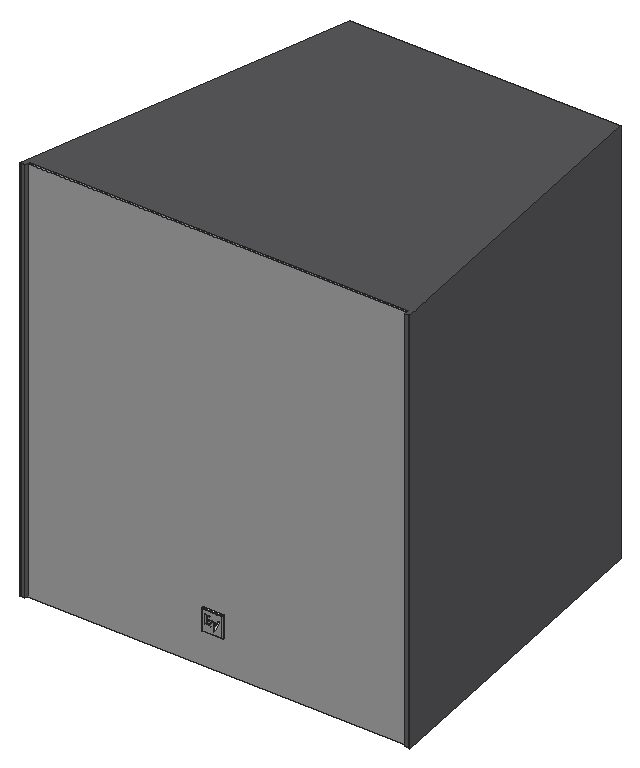
Revit family "EVH-1152S", category Communication Devices, Revit 2017 (continued)
Definition of nested family "InputPanel_H"
  Lines and regions (mm)
    model lines, not visible
      curve 237: line (65.486, -9.5, 73.675) -> (63.369, -9.5, 73.675)
      curve 238: line (63.369, -9.5, 73.675) -> (63.369, -9.5, 73.098)
      curve 239: line (63.369, -9.5, 73.098) -> (65.486, -9.5, 73.099)
      curve 240: line (65.486, -9.5, 73.099) -> (65.486, -9.5, 73.675)
      curve 241: line (65.487, -9.5, 67.368) -> (65.487, -9.5, 66.791)
      curve 242: line (65.487, -9.5, 66.791) -> (63.37, -9.5, 66.791)
      curve 243: line (63.37, -9.5, 66.791) -> (63.369, -9.5, 67.367)
      curve 244: line (63.369, -9.5, 67.367) -> (65.487, -9.5, 67.368)
      curve 245: line (65.485, -9.5, 79.98) -> (65.485, -9.5, 79.404)
      curve 246: line (65.485, -9.5, 79.404) -> (63.368, -9.5, 79.404)
      curve 247: line (63.368, -9.5, 79.404) -> (63.368, -9.5, 79.98)
      curve 248: line (63.368, -9.5, 79.98) -> (65.485, -9.5, 79.98)
      curve 249: line (63.37, -9.5, 60.773) -> (65.488, -9.5, 60.774)
      curve 250: line (65.488, -9.5, 60.774) -> (65.488, -9.5, 61.062)
      curve 251: line (65.488, -9.5, 61.062) -> (63.37, -9.5, 61.062)
      curve 252: line (63.37, -9.5, 61.062) -> (63.37, -9.5, 60.773)
      curve 253: line (63.37, -9.5, 60.773) -> (62.679, -9.5, 60.773)
      curve 254: line (62.676, -9.5, 85.999) -> (63.367, -9.5, 85.999)
      curve 255: line (63.367, -9.5, 85.999) -> (63.367, -9.5, 85.711)
      curve 256: line (63.367, -9.5, 85.711) -> (65.485, -9.5, 85.711)
      curve 257: line (65.485, -9.5, 85.711) -> (65.485, -9.5, 85.999)
      curve 258: line (65.485, -9.5, 85.999) -> (63.367, -9.5, 85.999)
      curve 259: line (63.973, -9.5, 63.722) -> (62.18, -9.5, 65.91)
      curve 260: line (62.18, -9.5, 65.91) -> (62.671, -9.5, 66.243)
      curve 261: line (63.973, -9.5, 70.028) -> (62.179, -9.5, 72.217)
      curve 262: line (62.179, -9.5, 72.217) -> (62.67, -9.5, 72.549)
      curve 263: line (63.946, -9.5, 63.467) -> (62.347, -9.5, 65.419)
      curve 264: line (62.347, -9.5, 65.419) -> (61.777, -9.5, 65.419)
      curve 265: line (61.777, -9.5, 65.419) -> (63.815, -9.5, 62.932)
      curve 266: line (63.945, -9.5, 69.773) -> (62.346, -9.5, 71.725)
      curve 267: line (62.346, -9.5, 71.725) -> (61.777, -9.5, 71.725)
      curve 268: line (61.777, -9.5, 71.725) -> (63.815, -9.5, 69.238)
      curve 269: line (63.945, -9.5, 76.08) -> (62.345, -9.5, 78.032)
      curve 270: line (62.345, -9.5, 78.032) -> (61.776, -9.5, 78.031)
      curve 271: line (61.776, -9.5, 78.031) -> (63.814, -9.5, 75.544)
      curve 272: line (63.972, -9.5, 76.334) -> (62.178, -9.5, 78.523)
      curve 273: line (62.178, -9.5, 78.523) -> (62.669, -9.5, 78.856)
      curve 274: line (63.971, -9.5, 82.641) -> (62.178, -9.5, 84.829)
      curve 275: line (62.178, -9.5, 84.829) -> (62.669, -9.5, 85.162)
      curve 276: line (63.944, -9.5, 82.386) -> (62.345, -9.5, 84.338)
      curve 277: line (62.345, -9.5, 84.338) -> (61.775, -9.5, 84.338)
      curve 278: line (61.775, -9.5, 84.338) -> (63.813, -9.5, 81.851)
      curve 279: line (66.909, -9.5, 82.956) -> (66.908, -9.5, 85.999)
      curve 280: line (66.908, -9.5, 85.999) -> (72.332, -9.5, 86)
      curve 281: line (72.332, -9.5, 86) -> (72.335, -9.5, 60.774)
      curve 282: line (72.335, -9.5, 60.774) -> (66.911, -9.5, 60.774)
      curve 283: line (65.485, -9.5, 85.999) -> (66.908, -9.5, 85.999)
      curve 284: line (72.332, -9.5, 86) -> (72.658, -9.5, 86)
      curve 285: line (72.658, -9.5, 86) -> (72.661, -9.5, 60.775)
      curve 286: line (72.661, -9.5, 60.775) -> (72.335, -9.5, 60.774)
      curve 287: line (72.335, -9.5, 60.774) -> (72.464, -9.5, 60.647)
      curve 288: line (72.464, -9.5, 60.647) -> (72.586, -9.5, 60.47)
      curve 289: line (73.116, -9.5, 67.379) -> (73.115, -9.5, 72.891)
      curve 290: line (73.115, -9.5, 72.891) -> (77.33, -9.5, 72.891)
      curve 291: line (77.33, -9.5, 72.891) -> (77.331, -9.5, 67.379)
      curve 292: line (77.331, -9.5, 67.379) -> (73.116, -9.5, 67.379)
      curve 293: line (77.331, -9.5, 66.783) -> (77.332, -9.5, 61.272)
      curve 294: line (77.332, -9.5, 61.272) -> (73.116, -9.5, 61.271)
      curve 295: line (73.116, -9.5, 61.271) -> (73.116, -9.5, 66.783)
      curve 296: line (73.116, -9.5, 66.783) -> (77.331, -9.5, 66.783)
      curve 297: line (72.661, -9.5, 60.775) -> (77.787, -9.5, 60.775)
      curve 298: line (77.787, -9.5, 60.775) -> (77.784, -9.5, 86)
      curve 299: line (77.784, -9.5, 86) -> (72.658, -9.5, 86)
      curve 300: line (73.114, -9.5, 79.991) -> (73.113, -9.5, 85.503)
      curve 301: line (73.113, -9.5, 85.503) -> (77.329, -9.5, 85.504)
      curve 302: line (77.329, -9.5, 85.504) -> (77.329, -9.5, 79.992)
      curve 303: line (77.329, -9.5, 79.992) -> (73.114, -9.5, 79.991)
      curve 304: line (77.329, -9.5, 79.396) -> (77.33, -9.5, 73.884)
      curve 305: line (77.33, -9.5, 73.884) -> (73.115, -9.5, 73.884)
      curve 306: line (73.115, -9.5, 73.884) -> (73.114, -9.5, 79.396)
      curve 307: line (73.114, -9.5, 79.396) -> (77.329, -9.5, 79.396)
      curve 308: line (73.114, -9.5, 81.158) -> (74.522, -9.5, 81.159)
      curve 309: line (74.522, -9.5, 81.159) -> (74.848, -9.5, 80.47)
      curve 310: line (74.848, -9.5, 80.47) -> (75.233, -9.5, 79.992)
      curve 311: line (73.116, -9.5, 68.546) -> (74.524, -9.5, 68.546)
      curve 312: line (74.524, -9.5, 68.546) -> (74.849, -9.5, 67.858)
      curve 313: line (74.849, -9.5, 67.858) -> (75.235, -9.5, 67.379)
      curve 314: line (73.114, -9.5, 78.229) -> (74.523, -9.5, 78.229)
      curve 315: line (74.523, -9.5, 78.229) -> (74.848, -9.5, 78.917)
      curve 316: line (74.848, -9.5, 78.917) -> (75.233, -9.5, 79.396)
      curve 317: line (73.116, -9.5, 65.616) -> (74.524, -9.5, 65.616)
      curve 318: line (74.524, -9.5, 65.616) -> (74.85, -9.5, 66.304)
      curve 319: line (74.85, -9.5, 66.304) -> (75.235, -9.5, 66.783)
      curve 320: line (73.116, -9.5, 62.239) -> (74.525, -9.5, 62.24)
      curve 321: line (74.525, -9.5, 62.24) -> (74.85, -9.5, 61.552)
      curve 322: line (74.85, -9.5, 61.552) -> (75.076, -9.5, 61.271)
      curve 323: line (73.115, -9.5, 74.852) -> (74.523, -9.5, 74.852)
      curve 324: line (74.523, -9.5, 74.852) -> (74.849, -9.5, 74.164)
      curve 325: line (74.849, -9.5, 74.164) -> (75.074, -9.5, 73.884)
      curve 326: line (73.115, -9.5, 71.922) -> (74.524, -9.5, 71.923)
      curve 327: line (74.524, -9.5, 71.923) -> (74.849, -9.5, 72.611)
      curve 328: line (75.074, -9.5, 72.891) -> (74.849, -9.5, 72.611)
      curve 329: line (74.849, -9.5, 72.611) -> (74.849, -9.5, 67.858)
      curve 330: line (73.114, -9.5, 84.535) -> (74.522, -9.5, 84.535)
      curve 331: line (74.522, -9.5, 84.535) -> (74.847, -9.5, 85.223)
      curve 332: line (74.847, -9.5, 85.223) -> (74.848, -9.5, 80.47)
      curve 333: line (75.073, -9.5, 85.503) -> (74.847, -9.5, 85.223)
      curve 334: line (74.524, -9.5, 65.616) -> (74.525, -9.5, 62.24)
      curve 335: line (74.523, -9.5, 78.229) -> (74.523, -9.5, 74.852)
      curve 336: line (74.524, -9.5, 68.546) -> (74.524, -9.5, 71.923)
      curve 337: line (74.522, -9.5, 81.159) -> (74.522, -9.5, 84.535)
      curve 338: line (72.586, -9.5, 60.208) -> (75.719, -9.5, 60.209)
      curve 339: line (75.719, -9.5, 60.209) -> (75.719, -9.5, 60.47)
      curve 340: line (75.719, -9.5, 60.47) -> (72.586, -9.5, 60.47)
      curve 341: line (72.586, -9.5, 60.47) -> (72.586, -9.5, 60.208)
      curve 342: line (72.586, -9.5, 60.208) -> (72.005, -9.5, 60.208)
      curve 343: line (72.005, -9.5, 60.208) -> (72.005, -9.5, 60.47)
      curve 344: line (72.005, -9.5, 60.47) -> (72.127, -9.5, 60.774)
      curve 345: line (72.464, -9.5, 60.647) -> (75.597, -9.5, 60.647)
      curve 346: line (75.597, -9.5, 60.647) -> (75.719, -9.5, 60.47)
      curve 347: line (76.233, -9.5, 66.783) -> (76.233, -9.5, 61.272)
      curve 348: line (76.231, -9.5, 79.396) -> (76.232, -9.5, 73.884)
      curve 349: line (76.232, -9.5, 72.891) -> (76.233, -9.5, 67.379)
      curve 350: line (76.23, -9.5, 85.504) -> (76.231, -9.5, 79.992)
      curve 351: line (74.85, -9.5, 66.304) -> (74.85, -9.5, 61.552)
      curve 352: line (74.848, -9.5, 78.917) -> (74.849, -9.5, 74.164)
      curve 353: line (65.589, -9.5, 60.469) -> (65.589, -9.5, 60.208)
      curve 354: line (65.589, -9.5, 60.208) -> (65.009, -9.5, 60.207)
      curve 355: line (65.009, -9.5, 60.207) -> (65.009, -9.5, 60.469)
      curve 356: line (65.009, -9.5, 60.469) -> (65.131, -9.5, 60.646)
      curve 357: line (65.589, -9.5, 60.208) -> (68.722, -9.5, 60.208)
      curve 358: line (68.722, -9.5, 60.208) -> (68.722, -9.5, 60.469)
      curve 359: line (54.498, -9.5, 76.538) -> (54.659, -9.5, 75.55)
      curve 360: line (54.659, -9.5, 75.55) -> (55.117, -9.5, 74.712)
      curve 361: line (55.117, -9.5, 74.712) -> (55.804, -9.5, 74.153)
      curve 362: line (55.804, -9.5, 74.153) -> (56.613, -9.5, 73.956)
      curve 363: line (56.613, -9.5, 73.956) -> (57.422, -9.5, 74.153)
      curve 364: line (57.422, -9.5, 74.153) -> (58.109, -9.5, 74.713)
      curve 365: line (58.109, -9.5, 74.713) -> (58.567, -9.5, 75.55)
      curve 366: line (58.567, -9.5, 75.55) -> (58.728, -9.5, 76.539)
      curve 367: line (58.728, -9.5, 76.539) -> (58.567, -9.5, 77.527)
      curve 368: line (58.567, -9.5, 77.527) -> (58.108, -9.5, 78.364)
      curve 369: line (58.108, -9.5, 78.364) -> (57.422, -9.5, 78.924)
      curve 370: line (57.422, -9.5, 78.924) -> (56.612, -9.5, 79.12)
      curve 371: line (56.612, -9.5, 79.12) -> (55.803, -9.5, 78.924)
      curve 372: line (55.803, -9.5, 78.924) -> (55.117, -9.5, 78.364)
      curve 373: line (55.117, -9.5, 78.364) -> (54.662, -9.5, 77.533)
      curve 374: line (54.659, -9.5, 77.526) -> (54.374, -9.5, 76.538)
      curve 375: line (54.374, -9.5, 76.538) -> (53.682, -9.5, 76.538)
      curve 376: line (53.682, -9.5, 76.538) -> (51.565, -9.5, 76.538)
      curve 377: line (51.565, -9.5, 76.538) -> (51.566, -9.5, 82.763)
      curve 378: line (54.499, -9.5, 63.925) -> (54.66, -9.5, 62.937)
      curve 379: line (54.66, -9.5, 62.937) -> (55.119, -9.5, 62.1)
      curve 380: line (55.119, -9.5, 62.1) -> (55.805, -9.5, 61.54)
      curve 381: line (55.805, -9.5, 61.54) -> (56.615, -9.5, 61.344)
      curve 382: line (56.615, -9.5, 61.344) -> (57.424, -9.5, 61.54)
      curve 383: line (57.424, -9.5, 61.54) -> (58.11, -9.5, 62.1)
      curve 384: line (58.11, -9.5, 62.1) -> (58.569, -9.5, 62.938)
      curve 385: line (58.569, -9.5, 62.938) -> (58.729, -9.5, 63.926)
      curve 386: line (58.729, -9.5, 63.926) -> (58.568, -9.5, 64.914)
      curve 387: line (58.568, -9.5, 64.914) -> (58.11, -9.5, 65.752)
      curve 388: line (58.11, -9.5, 65.752) -> (57.423, -9.5, 66.311)
      curve 389: line (57.423, -9.5, 66.311) -> (56.614, -9.5, 66.508)
      curve 390: line (56.614, -9.5, 66.508) -> (55.805, -9.5, 66.311)
      curve 391: line (55.805, -9.5, 66.311) -> (55.118, -9.5, 65.751)
      curve 392: line (55.118, -9.5, 65.751) -> (54.664, -9.5, 64.92)
      curve 393: line (54.66, -9.5, 64.914) -> (54.376, -9.5, 63.925)
      curve 394: line (54.376, -9.5, 63.925) -> (53.684, -9.5, 63.925)
      curve 395: line (53.684, -9.5, 63.925) -> (51.566, -9.5, 63.925)
      curve 396: line (51.566, -9.5, 63.925) -> (51.567, -9.5, 70.15)
      curve 397: line (54.497, -9.5, 82.844) -> (54.658, -9.5, 81.856)
      curve 398: line (54.658, -9.5, 81.856) -> (55.117, -9.5, 81.019)
      curve 399: line (55.117, -9.5, 81.019) -> (55.803, -9.5, 80.459)
      curve 400: line (55.803, -9.5, 80.459) -> (56.612, -9.5, 80.263)
      curve 401: line (56.612, -9.5, 80.263) -> (57.422, -9.5, 80.459)
      curve 402: line (57.422, -9.5, 80.459) -> (58.108, -9.5, 81.019)
      curve 403: line (58.108, -9.5, 81.019) -> (58.566, -9.5, 81.857)
      curve 404: line (58.566, -9.5, 81.857) -> (58.727, -9.5, 82.845)
      curve 405: line (58.727, -9.5, 82.845) -> (58.566, -9.5, 83.833)
      curve 406: line (58.566, -9.5, 83.833) -> (58.107, -9.5, 84.671)
      curve 407: line (58.107, -9.5, 84.671) -> (57.421, -9.5, 85.23)
      curve 408: line (57.421, -9.5, 85.23) -> (56.612, -9.5, 85.427)
      curve 409: line (56.612, -9.5, 85.427) -> (55.802, -9.5, 85.23)
      curve 410: line (55.802, -9.5, 85.23) -> (55.116, -9.5, 84.67)
      curve 411: line (55.116, -9.5, 84.67) -> (54.661, -9.5, 83.839)
      curve 412: line (54.658, -9.5, 83.833) -> (54.374, -9.5, 82.844)
      curve 413: line (54.374, -9.5, 82.844) -> (53.682, -9.5, 82.844)
      curve 414: line (53.682, -9.5, 82.844) -> (51.565, -9.5, 82.844)
      curve 415: line (51.565, -9.5, 82.844) -> (51.565, -9.5, 85.997)
      curve 416: line (54.498, -9.5, 70.232) -> (54.66, -9.5, 69.244)
      curve 417: line (54.66, -9.5, 69.244) -> (55.118, -9.5, 68.406)
      curve 418: line (55.118, -9.5, 68.406) -> (55.804, -9.5, 67.846)
      curve 419: line (55.804, -9.5, 67.846) -> (56.614, -9.5, 67.65)
      curve 420: line (56.614, -9.5, 67.65) -> (57.423, -9.5, 67.847)
      curve 421: line (57.423, -9.5, 67.847) -> (58.109, -9.5, 68.406)
      curve 422: line (58.109, -9.5, 68.406) -> (58.568, -9.5, 69.244)
      curve 423: line (58.568, -9.5, 69.244) -> (58.729, -9.5, 70.232)
      curve 424: line (58.729, -9.5, 70.232) -> (58.568, -9.5, 71.22)
      curve 425: line (58.568, -9.5, 71.22) -> (58.109, -9.5, 72.058)
      curve 426: line (58.109, -9.5, 72.058) -> (57.423, -9.5, 72.618)
      curve 427: line (57.423, -9.5, 72.618) -> (56.613, -9.5, 72.814)
      curve 428: line (56.613, -9.5, 72.814) -> (55.804, -9.5, 72.617)
      curve 429: line (55.804, -9.5, 72.617) -> (55.118, -9.5, 72.058)
      curve 430: line (55.118, -9.5, 72.058) -> (54.663, -9.5, 71.227)
      curve 431: line (54.659, -9.5, 71.22) -> (54.376, -9.5, 70.232)
      curve 432: line (54.376, -9.5, 70.232) -> (53.684, -9.5, 70.232)
      curve 433: line (53.684, -9.5, 70.232) -> (51.566, -9.5, 70.231)
      curve 434: line (51.566, -9.5, 70.231) -> (51.567, -9.5, 76.427)
      curve 435: line (57.428, -9.5, 60.773) -> (57.64, -9.5, 60.773)
      curve 436: line (57.64, -9.5, 60.773) -> (57.64, -9.5, 61.116)
      curve 437: line (57.561, -9.5, 61.254) -> (57.428, -9.5, 61.38)
      curve 438: line (57.428, -9.5, 61.38) -> (57.428, -9.5, 60.773)
      curve 439: line (57.428, -9.5, 60.773) -> (55.801, -9.5, 60.772)
      curve 440: line (55.801, -9.5, 60.772) -> (55.801, -9.5, 61.379)
      curve 441: line (55.8, -9.5, 67.687) -> (55.8, -9.5, 66.472)
      curve 442: line (55.8, -9.5, 73.992) -> (55.8, -9.5, 72.777)
      curve 443: line (55.799, -9.5, 80.299) -> (55.799, -9.5, 79.084)
      curve 444: line (57.425, -9.5, 85.998) -> (57.637, -9.5, 85.998)
      curve 445: line (57.637, -9.5, 85.998) -> (57.637, -9.5, 85.632)
      curve 446: line (57.558, -9.5, 85.516) -> (57.425, -9.5, 85.39)
      curve 447: line (57.425, -9.5, 85.39) -> (57.425, -9.5, 85.998)
      curve 448: line (57.425, -9.5, 85.998) -> (55.798, -9.5, 85.998)
      curve 449: line (55.798, -9.5, 85.998) -> (55.798, -9.5, 85.39)
      curve 450: line (57.638, -9.5, 80.036) -> (57.634, -9.5, 79.358)
      curve 451: line (57.559, -9.5, 79.211) -> (57.426, -9.5, 79.085)
      curve 452: line (57.426, -9.5, 79.085) -> (57.426, -9.5, 80.3)
      curve 453: line (57.426, -9.5, 80.3) -> (57.559, -9.5, 80.173)
      curve 454: line (57.427, -9.5, 73.992) -> (57.427, -9.5, 72.777)
      curve 455: line (57.427, -9.5, 72.777) -> (57.56, -9.5, 72.903)
      curve 456: line (57.638, -9.5, 73.019) -> (57.638, -9.5, 73.728)
      curve 457: line (57.56, -9.5, 73.866) -> (57.427, -9.5, 73.992)
      curve 458: line (57.639, -9.5, 67.423) -> (57.636, -9.5, 66.745)
      curve 459: line (57.561, -9.5, 66.598) -> (57.428, -9.5, 66.472)
      curve 460: line (57.428, -9.5, 66.472) -> (57.427, -9.5, 67.687)
      curve 461: line (57.427, -9.5, 67.687) -> (57.561, -9.5, 67.561)
      curve 462: line (52.991, -9.5, 73.096) -> (55.108, -9.5, 73.096)
      curve 463: line (55.108, -9.5, 73.096) -> (55.108, -9.5, 73.673)
      curve 464: line (55.108, -9.5, 73.673) -> (52.991, -9.5, 73.672)
      curve 465: line (52.991, -9.5, 73.672) -> (52.991, -9.5, 73.096)
      curve 466: line (52.99, -9.5, 79.403) -> (52.99, -9.5, 79.98)
      curve 467: line (52.99, -9.5, 79.98) -> (55.107, -9.5, 79.98)
      curve 468: line (55.107, -9.5, 79.98) -> (55.107, -9.5, 79.404)
      curve 469: line (55.107, -9.5, 79.404) -> (52.99, -9.5, 79.403)
      curve 470: line (52.991, -9.5, 66.791) -> (52.991, -9.5, 67.367)
      curve 471: line (52.991, -9.5, 67.367) -> (55.109, -9.5, 67.367)
      curve 472: line (55.109, -9.5, 67.367) -> (55.109, -9.5, 66.791)
      curve 473: line (55.109, -9.5, 66.791) -> (52.991, -9.5, 66.791)
      curve 474: line (55.107, -9.5, 85.998) -> (52.989, -9.5, 85.997)
      curve 475: line (52.989, -9.5, 85.997) -> (52.989, -9.5, 85.709)
      curve 476: line (52.989, -9.5, 85.709) -> (55.107, -9.5, 85.709)
      curve 477: line (55.107, -9.5, 85.709) -> (55.107, -9.5, 85.998)
      curve 478: line (55.107, -9.5, 85.998) -> (55.798, -9.5, 85.998)
      curve 479: line (55.801, -9.5, 60.772) -> (55.11, -9.5, 60.772)
      curve 480: line (55.11, -9.5, 60.772) -> (55.11, -9.5, 61.06)
      curve 481: line (55.11, -9.5, 61.06) -> (52.992, -9.5, 61.06)
      curve 482: line (52.992, -9.5, 61.06) -> (52.992, -9.5, 60.772)
      curve 483: line (52.992, -9.5, 60.772) -> (55.11, -9.5, 60.772)
      curve 484: line (54.504, -9.5, 76.743) -> (56.298, -9.5, 74.554)
      curve 485: line (56.298, -9.5, 74.554) -> (55.807, -9.5, 74.222)
      curve 486: line (54.503, -9.5, 83.049) -> (56.297, -9.5, 80.86)
      curve 487: line (56.297, -9.5, 80.86) -> (55.806, -9.5, 80.528)
      curve 488: line (54.531, -9.5, 76.998) -> (56.131, -9.5, 75.046)
      curve 489: line (56.131, -9.5, 75.046) -> (56.7, -9.5, 75.046)
      curve 490: line (56.7, -9.5, 75.046) -> (54.662, -9.5, 77.533)
      curve 491: line (54.531, -9.5, 83.304) -> (56.13, -9.5, 81.352)
      curve 492: line (56.13, -9.5, 81.352) -> (56.699, -9.5, 81.352)
      curve 493: line (56.699, -9.5, 81.352) -> (54.661, -9.5, 83.839)
      curve 494: line (54.505, -9.5, 70.437) -> (56.298, -9.5, 68.248)
      curve 495: line (56.298, -9.5, 68.248) -> (55.807, -9.5, 67.915)
      curve 496: line (54.506, -9.5, 64.13) -> (56.299, -9.5, 61.942)
      curve 497: line (56.299, -9.5, 61.942) -> (55.808, -9.5, 61.609)
      curve 498: line (54.533, -9.5, 64.385) -> (56.132, -9.5, 62.433)
      curve 499: line (56.132, -9.5, 62.433) -> (56.702, -9.5, 62.433)
      curve 500: line (56.702, -9.5, 62.433) -> (54.664, -9.5, 64.92)
      curve 501: line (54.532, -9.5, 70.691) -> (56.131, -9.5, 68.739)
      curve 502: line (56.131, -9.5, 68.739) -> (56.701, -9.5, 68.739)
      curve 503: line (56.701, -9.5, 68.739) -> (54.663, -9.5, 71.227)
      curve 504: line (51.568, -9.5, 63.815) -> (51.568, -9.5, 60.772)
      curve 505: line (51.568, -9.5, 60.772) -> (46.145, -9.5, 60.771)
      curve 506: line (46.145, -9.5, 60.771) -> (46.141, -9.5, 85.996)
      curve 507: line (46.141, -9.5, 85.996) -> (51.565, -9.5, 85.997)
      curve 508: line (51.565, -9.5, 85.997) -> (52.989, -9.5, 85.997)
      curve 509: line (52.989, -9.5, 85.997) -> (49.876, -9.5, 86.125)
      curve 510: line (49.876, -9.5, 86.125) -> (49.754, -9.5, 86.302)
      curve 511: line (52.992, -9.5, 60.772) -> (51.568, -9.5, 60.772)
      curve 512: line (45.361, -9.5, 79.392) -> (45.362, -9.5, 73.88)
      curve 513: line (45.362, -9.5, 73.88) -> (41.147, -9.5, 73.88)
      curve 514: line (41.147, -9.5, 73.88) -> (41.146, -9.5, 79.392)
      curve 515: line (41.146, -9.5, 79.392) -> (45.361, -9.5, 79.392)
      curve 516: line (41.146, -9.5, 79.988) -> (41.145, -9.5, 85.499)
      curve 517: line (41.145, -9.5, 85.499) -> (45.36, -9.5, 85.5)
      curve 518: line (45.36, -9.5, 85.5) -> (45.361, -9.5, 79.988)
      curve 519: line (45.361, -9.5, 79.988) -> (41.146, -9.5, 79.988)
      curve 520: line (45.819, -9.5, 60.771) -> (45.816, -9.5, 85.996)
      curve 521: line (45.816, -9.5, 85.996) -> (40.689, -9.5, 85.996)
      curve 522: line (40.689, -9.5, 85.996) -> (40.692, -9.5, 60.771)
      curve 523: line (40.692, -9.5, 60.771) -> (45.819, -9.5, 60.771)
      curve 524: line (45.819, -9.5, 60.771) -> (46.145, -9.5, 60.771)
      curve 525: line (45.363, -9.5, 66.78) -> (45.363, -9.5, 61.268)
      curve 526: line (45.363, -9.5, 61.268) -> (41.148, -9.5, 61.267)
      curve 527: line (41.148, -9.5, 61.267) -> (41.147, -9.5, 66.779)
      curve 528: line (41.147, -9.5, 66.779) -> (45.363, -9.5, 66.78)
      curve 529: line (41.147, -9.5, 67.375) -> (41.147, -9.5, 72.887)
      curve 530: line (41.147, -9.5, 72.887) -> (45.362, -9.5, 72.887)
      curve 531: line (45.362, -9.5, 72.887) -> (45.363, -9.5, 67.375)
      curve 532: line (45.363, -9.5, 67.375) -> (41.147, -9.5, 67.375)
      curve 533: line (45.816, -9.5, 85.996) -> (46.141, -9.5, 85.996)
      curve 534: line (46.141, -9.5, 85.996) -> (42.88, -9.5, 86.124)
      curve 535: line (42.88, -9.5, 86.124) -> (42.758, -9.5, 86.301)
      curve 536: line (42.758, -9.5, 86.301) -> (45.891, -9.5, 86.301)
      curve 537: line (45.891, -9.5, 86.301) -> (46.013, -9.5, 86.124)
      curve 538: line (45.361, -9.5, 78.225) -> (43.953, -9.5, 78.225)
      curve 539: line (43.953, -9.5, 78.225) -> (43.627, -9.5, 78.913)
      curve 540: line (43.627, -9.5, 78.913) -> (43.242, -9.5, 79.392)
      curve 541: line (45.363, -9.5, 65.613) -> (43.954, -9.5, 65.612)
      curve 542: line (43.954, -9.5, 65.612) -> (43.629, -9.5, 66.3)
      curve 543: line (43.629, -9.5, 66.3) -> (43.244, -9.5, 66.779)
      curve 544: line (45.362, -9.5, 68.542) -> (43.954, -9.5, 68.542)
      curve 545: line (43.954, -9.5, 68.542) -> (43.629, -9.5, 67.854)
      curve 546: line (43.629, -9.5, 67.854) -> (43.244, -9.5, 67.375)
      curve 547: line (45.361, -9.5, 81.155) -> (43.952, -9.5, 81.155)
      curve 548: line (43.952, -9.5, 81.155) -> (43.627, -9.5, 80.467)
      curve 549: line (43.627, -9.5, 80.467) -> (43.242, -9.5, 79.988)
      curve 550: line (45.362, -9.5, 71.919) -> (43.954, -9.5, 71.919)
      curve 551: line (43.954, -9.5, 71.919) -> (43.628, -9.5, 72.607)
      curve 552: line (43.628, -9.5, 72.607) -> (43.403, -9.5, 72.887)
      curve 553: line (45.361, -9.5, 84.532) -> (43.952, -9.5, 84.531)
      curve 554: line (43.952, -9.5, 84.531) -> (43.627, -9.5, 85.219)
      curve 555: line (43.627, -9.5, 85.219) -> (43.401, -9.5, 85.5)
      curve 556: line (45.362, -9.5, 74.849) -> (43.953, -9.5, 74.848)
      curve 557: line (43.953, -9.5, 74.848) -> (43.628, -9.5, 74.16)
      curve 558: line (43.403, -9.5, 73.88) -> (43.628, -9.5, 74.16)
      curve 559: line (43.628, -9.5, 74.16) -> (43.627, -9.5, 78.913)
      curve 560: line (45.363, -9.5, 62.236) -> (43.955, -9.5, 62.236)
      curve 561: line (43.955, -9.5, 62.236) -> (43.629, -9.5, 61.548)
      curve 562: line (43.629, -9.5, 61.548) -> (43.629, -9.5, 66.3)
      curve 563: line (43.404, -9.5, 61.267) -> (43.629, -9.5, 61.548)
      curve 564: line (43.954, -9.5, 68.542) -> (43.954, -9.5, 71.919)
      curve 565: line (43.952, -9.5, 81.155) -> (43.952, -9.5, 84.531)
      curve 566: line (43.954, -9.5, 65.612) -> (43.955, -9.5, 62.236)
      curve 567: line (43.953, -9.5, 78.225) -> (43.953, -9.5, 74.848)
      curve 568: line (45.891, -9.5, 86.301) -> (45.891, -9.5, 86.563)
      curve 569: line (45.891, -9.5, 86.563) -> (42.758, -9.5, 86.562)
      curve 570: line (42.758, -9.5, 86.562) -> (42.758, -9.5, 86.301)
      curve 571: line (45.891, -9.5, 86.563) -> (46.472, -9.5, 86.563)
      curve 572: line (46.472, -9.5, 86.563) -> (46.472, -9.5, 86.301)
      curve 573: line (46.472, -9.5, 86.301) -> (46.35, -9.5, 86.124)
      curve 574: line (42.244, -9.5, 79.988) -> (42.243, -9.5, 85.499)
      curve 575: line (42.246, -9.5, 67.375) -> (42.245, -9.5, 72.887)
      curve 576: line (42.246, -9.5, 61.267) -> (42.246, -9.5, 66.779)
      curve 577: line (42.245, -9.5, 73.88) -> (42.244, -9.5, 79.392)
      curve 578: line (43.629, -9.5, 67.854) -> (43.628, -9.5, 72.607)
      curve 579: line (43.627, -9.5, 80.467) -> (43.627, -9.5, 85.219)
      curve 580: line (52.887, -9.5, 86.302) -> (53.009, -9.5, 86.125)
      curve 581: line (52.887, -9.5, 86.563) -> (52.887, -9.5, 86.302)
      curve 582: line (52.887, -9.5, 86.302) -> (49.754, -9.5, 86.302)
      curve 583: line (49.754, -9.5, 86.302) -> (49.754, -9.5, 86.563)
      curve 584: line (49.754, -9.5, 86.563) -> (52.887, -9.5, 86.563)
      curve 585: line (52.887, -9.5, 86.563) -> (53.468, -9.5, 86.563)
      curve 586: line (53.468, -9.5, 86.563) -> (53.468, -9.5, 86.302)
      curve 587: line (53.468, -9.5, 86.302) -> (53.346, -9.5, 86.125)
      curve 588: line (78.97, -9.5, 60.972) -> (78.967, -9.5, 85.803)
      curve 589: line (78.912, -9.5, 85.748) -> (78.915, -9.5, 61.027)
      curve 590: line (77.958, -9.5, 86.812) -> (40.515, -9.5, 86.808)
      curve 591: line (40.57, -9.5, 86.753) -> (77.903, -9.5, 86.757)
      curve 592: line (39.506, -9.5, 85.799) -> (39.509, -9.5, 60.968)
      curve 593: line (39.509, -9.5, 60.97) -> (39.561, -9.5, 85.744)
      curve 594: line (40.518, -9.5, 59.959) -> (77.962, -9.5, 59.963)
      curve 595: line (77.907, -9.5, 60.018) -> (40.573, -9.5, 60.014)
      curve 596: line (61.368, -9.5, 70.233) -> (59.749, -9.5, 70.232)
      curve 597: line (59.749, -9.5, 70.232) -> (59.415, -9.5, 70.232)
      curve 598: line (61.369, -9.5, 63.926) -> (59.75, -9.5, 63.926)
      curve 599: line (59.75, -9.5, 63.926) -> (59.417, -9.5, 63.926)
      curve 600: line (61.367, -9.5, 76.539) -> (59.748, -9.5, 76.539)
      curve 601: line (59.748, -9.5, 76.539) -> (59.415, -9.5, 76.539)
      curve 602: line (61.367, -9.5, 82.845) -> (59.747, -9.5, 82.845)
      curve 603: line (59.747, -9.5, 82.845) -> (59.414, -9.5, 82.845)
      curve 604: line (57.109, -9.5, 76.538) -> (58.728, -9.5, 76.539)
      curve 605: line (58.728, -9.5, 76.539) -> (59.062, -9.5, 76.539)
      curve 606: line (57.108, -9.5, 82.845) -> (58.727, -9.5, 82.845)
      curve 607: line (58.727, -9.5, 82.845) -> (59.06, -9.5, 82.845)
      curve 608: line (57.109, -9.5, 70.232) -> (58.729, -9.5, 70.232)
      curve 609: line (58.729, -9.5, 70.232) -> (59.062, -9.5, 70.232)
      curve 610: line (57.11, -9.5, 63.926) -> (58.729, -9.5, 63.926)
      curve 611: line (58.729, -9.5, 63.926) -> (59.063, -9.5, 63.926)
    model lines
      curve 612: arc (-53.201, -4.337, 73.963) -> (-53.541, -4.337, 72.367) -> (-54.644, -4.337, 71.163) r 3.109
      curve 613: arc (-53.199, -4.337, 86.576) -> (-53.54, -4.337, 84.98) -> (-54.642, -4.337, 83.776) r 3.109
      curve 614: arc (-53.202, -4.337, 67.657) -> (-53.537, -4.337, 66.072) -> (-54.625, -4.337, 64.87) r 3.108
      curve 615: arc (-53.201, -4.337, 80.27) -> (-53.536, -4.337, 78.684) -> (-54.624, -4.337, 77.483) r 3.108
      curve 616: arc (-54.497, -4.337, 76.676) -> (-53.505, -4.337, 75.484) -> (-53.199, -4.337, 73.963) r 3.166
      curve 617: arc (-54.495, -4.337, 89.289) -> (-53.504, -4.337, 88.096) -> (-53.198, -4.337, 86.576) r 3.166
      curve 618: arc (-54.497, -4.337, 70.368) -> (-53.507, -4.337, 69.176) -> (-53.201, -4.337, 67.657) r 3.165
      curve 619: arc (-54.496, -4.337, 82.981) -> (-53.505, -4.337, 81.789) -> (-53.199, -4.337, 80.27) r 3.165
      curve 620: arc (-52.847, -4.337, 80.27) -> (-52.507, -4.337, 81.866) -> (-51.404, -4.337, 83.07) r 3.109
      curve 621: arc (-52.849, -4.337, 67.657) -> (-52.508, -4.337, 69.253) -> (-51.406, -4.337, 70.457) r 3.109
      curve 622: arc (-52.846, -4.337, 86.576) -> (-52.51, -4.337, 88.162) -> (-51.422, -4.337, 89.363) r 3.108
      curve 623: arc (-52.847, -4.337, 73.963) -> (-52.512, -4.337, 75.549) -> (-51.424, -4.337, 76.75) r 3.108
      curve 624: arc (-51.551, -4.337, 77.557) -> (-52.542, -4.337, 78.75) -> (-52.849, -4.337, 80.27) r 3.166
      curve 625: arc (-51.553, -4.337, 64.945) -> (-52.544, -4.337, 66.137) -> (-52.85, -4.337, 67.657) r 3.166
      curve 626: arc (-51.551, -4.337, 83.865) -> (-52.541, -4.337, 85.057) -> (-52.847, -4.337, 86.576) r 3.165
      curve 627: arc (-51.552, -4.337, 71.252) -> (-52.543, -4.337, 72.444) -> (-52.849, -4.337, 73.963) r 3.165
      curve 628: arc (-56.463, -4.337, 71.418) -> (-57.538, -4.337, 72.488) -> (-57.888, -4.337, 73.964) r 2.775
      curve 629: arc (-57.155, -4.337, 71.099) -> (-58.229, -4.337, 72.351) -> (-58.58, -4.337, 73.964) r 3.371
      curve 630: arc (-56.463, -4.337, 71.418) -> (-56.785, -4.337, 71.205) -> (-57.155, -4.337, 71.099) r 1.273
      curve 631: arc (-56.462, -4.337, 84.03) -> (-57.536, -4.337, 85.101) -> (-57.887, -4.337, 86.577) r 2.775
      curve 632: arc (-57.153, -4.337, 83.711) -> (-58.228, -4.337, 84.964) -> (-58.578, -4.337, 86.577) r 3.371
      curve 633: arc (-56.462, -4.337, 84.03) -> (-56.783, -4.337, 83.818) -> (-57.153, -4.337, 83.711) r 1.273
      curve 634: arc (-56.464, -4.337, 65.112) -> (-57.538, -4.337, 66.183) -> (-57.888, -4.337, 67.658) r 2.774
      curve 635: arc (-57.156, -4.337, 64.793) -> (-58.229, -4.337, 66.046) -> (-58.58, -4.337, 67.658) r 3.37
      curve 636: arc (-56.464, -4.337, 65.112) -> (-56.786, -4.337, 64.9) -> (-57.156, -4.337, 64.793) r 1.273
      curve 637: arc (-56.463, -4.337, 77.725) -> (-57.536, -4.337, 78.795) -> (-57.887, -4.337, 80.27) r 2.774
      curve 638: arc (-57.154, -4.337, 77.406) -> (-58.228, -4.337, 78.658) -> (-58.578, -4.337, 80.27) r 3.37
      curve 639: arc (-56.463, -4.337, 77.725) -> (-56.784, -4.337, 77.512) -> (-57.154, -4.337, 77.406) r 1.273
      curve 640: arc (-57.888, -4.337, 73.964) -> (-57.537, -4.337, 75.439) -> (-56.463, -4.337, 76.51) r 2.775
      curve 641: arc (-57.154, -4.337, 76.829) -> (-56.784, -4.337, 76.723) -> (-56.463, -4.337, 76.51) r 1.273
      curve 642: arc (-58.58, -4.337, 73.964) -> (-58.229, -4.337, 75.577) -> (-57.154, -4.337, 76.829) r 3.371
      curve 643: arc (-57.887, -4.337, 86.577) -> (-57.536, -4.337, 88.052) -> (-56.461, -4.337, 89.123) r 2.775
      curve 644: arc (-57.153, -4.337, 89.442) -> (-56.783, -4.337, 89.335) -> (-56.461, -4.337, 89.123) r 1.273
      curve 645: arc (-58.578, -4.337, 86.577) -> (-58.227, -4.337, 88.189) -> (-57.153, -4.337, 89.442) r 3.371
      curve 646: arc (-57.888, -4.337, 67.658) -> (-57.537, -4.337, 69.133) -> (-56.464, -4.337, 70.203) r 2.774
      curve 647: arc (-57.155, -4.337, 70.522) -> (-56.785, -4.337, 70.415) -> (-56.464, -4.337, 70.203) r 1.273
      curve 648: arc (-58.58, -4.337, 67.658) -> (-58.229, -4.337, 69.27) -> (-57.155, -4.337, 70.522) r 3.37
      curve 649: arc (-57.887, -4.337, 80.27) -> (-57.536, -4.337, 81.745) -> (-56.462, -4.337, 82.815) r 2.774
      curve 650: arc (-57.154, -4.337, 83.135) -> (-56.783, -4.337, 83.028) -> (-56.462, -4.337, 82.815) r 1.273
      curve 651: arc (-58.578, -4.337, 80.27) -> (-58.228, -4.337, 81.882) -> (-57.154, -4.337, 83.135) r 3.37
      curve 652: arc (-53.412, -4.337, 67.657) -> (-53.763, -4.337, 66.182) -> (-54.837, -4.337, 65.112) r 2.774
      curve 653: arc (-54.837, -4.337, 70.203) -> (-53.763, -4.337, 69.132) -> (-53.412, -4.337, 67.657) r 2.774
      curve 654: arc (-53.411, -4.337, 73.963) -> (-53.762, -4.337, 72.488) -> (-54.836, -4.337, 71.418) r 2.775
      curve 655: arc (-54.836, -4.337, 76.51) -> (-53.762, -4.337, 75.439) -> (-53.411, -4.337, 73.963) r 2.775
      curve 656: arc (-53.411, -4.337, 80.27) -> (-53.762, -4.337, 78.795) -> (-54.836, -4.337, 77.725) r 2.774
      curve 657: arc (-54.835, -4.337, 82.815) -> (-53.761, -4.337, 81.745) -> (-53.411, -4.337, 80.27) r 2.774
      curve 658: arc (-53.409, -4.337, 86.576) -> (-53.76, -4.337, 85.101) -> (-54.835, -4.337, 84.03) r 2.775
      curve 659: arc (-54.834, -4.337, 89.122) -> (-53.76, -4.337, 88.052) -> (-53.409, -4.337, 86.576) r 2.775
      curve 660: arc (-59.272, -4.337, 71.099) -> (-60.322, -4.337, 72.302) -> (-60.696, -4.337, 73.854) r 3.348
      curve 661: arc (-59.271, -4.337, 83.711) -> (-60.321, -4.337, 84.914) -> (-60.694, -4.337, 86.466) r 3.348
      curve 662: arc (-60.696, -4.337, 74.075) -> (-60.322, -4.337, 75.627) -> (-59.272, -4.337, 76.83) r 3.348
      curve 663: arc (-60.694, -4.337, 86.688) -> (-60.32, -4.337, 88.24) -> (-59.27, -4.337, 89.442) r 3.348
      curve 664: arc (-59.273, -4.337, 64.793) -> (-60.329, -4.337, 66.009) -> (-60.697, -4.337, 67.577) r 3.353
      curve 665: arc (-59.272, -4.337, 77.406) -> (-60.327, -4.337, 78.622) -> (-60.695, -4.337, 80.189) r 3.353
      curve 666: arc (-60.697, -4.337, 67.74) -> (-60.329, -4.337, 69.307) -> (-59.273, -4.337, 70.522) r 3.353
      curve 667: arc (-60.695, -4.337, 80.352) -> (-60.327, -4.337, 81.92) -> (-59.271, -4.337, 83.135) r 3.353
      curve 668: arc (-55.154, -4.337, 73.964) -> (-55.486, -4.337, 72.591) -> (-56.514, -4.337, 71.623) r 2.482
      curve 669: arc (-55.155, -4.337, 67.657) -> (-55.487, -4.337, 66.285) -> (-56.514, -4.337, 65.316) r 2.482
      curve 670: arc (-55.563, -4.337, 69.15) -> (-55.256, -4.337, 68.432) -> (-55.155, -4.337, 67.657) r 2.857
      curve 671: arc (-56.239, -4.337, 69.308) -> (-56.184, -4.337, 69.23) -> (-56.133, -4.337, 69.15) r 2.446
      curve 672: arc (-55.562, -4.337, 75.456) -> (-55.255, -4.337, 74.738) -> (-55.154, -4.337, 73.964) r 2.857
      curve 673: arc (-56.238, -4.337, 75.615) -> (-56.183, -4.337, 75.536) -> (-56.132, -4.337, 75.456) r 2.446
      curve 674: arc (-55.153, -4.337, 80.27) -> (-55.486, -4.337, 78.898) -> (-56.513, -4.337, 77.929) r 2.482
      curve 675: arc (-55.152, -4.337, 86.576) -> (-55.485, -4.337, 85.204) -> (-56.512, -4.337, 84.235) r 2.482
      curve 676: arc (-55.561, -4.337, 81.763) -> (-55.254, -4.337, 81.044) -> (-55.153, -4.337, 80.27) r 2.857
      curve 677: arc (-56.237, -4.337, 81.921) -> (-56.182, -4.337, 81.843) -> (-56.131, -4.337, 81.763) r 2.446
      curve 678: arc (-55.561, -4.337, 88.069) -> (-55.253, -4.337, 87.351) -> (-55.152, -4.337, 86.576) r 2.857
      curve 679: arc (-56.236, -4.337, 88.227) -> (-56.182, -4.337, 88.149) -> (-56.13, -4.337, 88.069) r 2.446
      curve 680: arc (-49.584, -4.337, 82.815) -> (-48.51, -4.337, 81.745) -> (-48.16, -4.337, 80.269) r 2.775
      curve 681: arc (-48.893, -4.337, 83.135) -> (-47.819, -4.337, 81.882) -> (-47.468, -4.337, 80.269) r 3.371
      curve 682: arc (-49.584, -4.337, 82.815) -> (-49.263, -4.337, 83.028) -> (-48.893, -4.337, 83.135) r 1.273
      curve 683: arc (-49.586, -4.337, 70.203) -> (-48.512, -4.337, 69.132) -> (-48.161, -4.337, 67.657) r 2.775
      curve 684: arc (-48.894, -4.337, 70.522) -> (-47.82, -4.337, 69.269) -> (-47.47, -4.337, 67.656) r 3.371
      curve 685: arc (-49.586, -4.337, 70.203) -> (-49.265, -4.337, 70.415) -> (-48.894, -4.337, 70.522) r 1.273
      curve 686: arc (-49.584, -4.337, 89.121) -> (-48.51, -4.337, 88.05) -> (-48.16, -4.337, 86.575) r 2.774
      curve 687: arc (-48.892, -4.337, 89.44) -> (-47.818, -4.337, 88.187) -> (-47.468, -4.337, 86.575) r 3.37
      curve 688: arc (-49.584, -4.337, 89.121) -> (-49.262, -4.337, 89.333) -> (-48.892, -4.337, 89.44) r 1.273
      curve 689: arc (-49.585, -4.337, 76.508) -> (-48.512, -4.337, 75.438) -> (-48.161, -4.337, 73.963) r 2.774
      curve 690: arc (-48.894, -4.337, 76.827) -> (-47.82, -4.337, 75.575) -> (-47.47, -4.337, 73.963) r 3.37
      curve 691: arc (-49.585, -4.337, 76.508) -> (-49.264, -4.337, 76.721) -> (-48.894, -4.337, 76.827) r 1.273
      curve 692: arc (-48.16, -4.337, 80.269) -> (-48.511, -4.337, 78.794) -> (-49.585, -4.337, 77.723) r 2.775
      curve 693: arc (-48.894, -4.337, 77.404) -> (-49.264, -4.337, 77.511) -> (-49.585, -4.337, 77.723) r 1.273
      curve 694: arc (-47.468, -4.337, 80.269) -> (-47.819, -4.337, 78.656) -> (-48.894, -4.337, 77.404) r 3.371
      curve 695: arc (-48.161, -4.337, 67.657) -> (-48.512, -4.337, 66.181) -> (-49.587, -4.337, 65.111) r 2.775
      curve 696: arc (-48.895, -4.337, 64.791) -> (-49.265, -4.337, 64.898) -> (-49.587, -4.337, 65.111) r 1.273
      curve 697: arc (-47.47, -4.337, 67.656) -> (-47.821, -4.337, 66.044) -> (-48.895, -4.337, 64.791) r 3.371
      curve 698: arc (-48.16, -4.337, 86.575) -> (-48.511, -4.337, 85.101) -> (-49.584, -4.337, 84.03) r 2.774
      curve 699: arc (-48.893, -4.337, 83.711) -> (-49.263, -4.337, 83.818) -> (-49.584, -4.337, 84.03) r 1.273
      curve 700: arc (-47.468, -4.337, 86.575) -> (-47.819, -4.337, 84.963) -> (-48.893, -4.337, 83.711) r 3.37
      curve 701: arc (-48.161, -4.337, 73.963) -> (-48.512, -4.337, 72.488) -> (-49.586, -4.337, 71.418) r 2.774
      curve 702: arc (-48.894, -4.337, 71.098) -> (-49.265, -4.337, 71.205) -> (-49.586, -4.337, 71.418) r 1.273
      curve 703: arc (-47.47, -4.337, 73.963) -> (-47.82, -4.337, 72.351) -> (-48.894, -4.337, 71.098) r 3.37
      curve 704: arc (-52.636, -4.337, 86.576) -> (-52.285, -4.337, 88.051) -> (-51.211, -4.337, 89.121) r 2.774
      curve 705: arc (-51.211, -4.337, 84.031) -> (-52.285, -4.337, 85.101) -> (-52.636, -4.337, 86.576) r 2.774
      curve 706: arc (-52.637, -4.337, 80.27) -> (-52.286, -4.337, 81.745) -> (-51.212, -4.337, 82.816) r 2.775
      curve 707: arc (-51.212, -4.337, 77.723) -> (-52.286, -4.337, 78.794) -> (-52.637, -4.337, 80.27) r 2.775
      curve 708: arc (-52.637, -4.337, 73.963) -> (-52.286, -4.337, 75.438) -> (-51.212, -4.337, 76.508) r 2.774
      curve 709: arc (-51.213, -4.337, 71.418) -> (-52.286, -4.337, 72.488) -> (-52.637, -4.337, 73.963) r 2.774
      curve 710: arc (-52.639, -4.337, 67.657) -> (-52.287, -4.337, 69.133) -> (-51.213, -4.337, 70.203) r 2.775
      curve 711: arc (-51.214, -4.337, 65.111) -> (-52.288, -4.337, 66.182) -> (-52.639, -4.337, 67.657) r 2.775
      curve 712: arc (-46.775, -4.337, 83.134) -> (-45.726, -4.337, 81.932) -> (-45.352, -4.337, 80.379) r 3.348
      curve 713: arc (-46.777, -4.337, 70.522) -> (-45.727, -4.337, 69.319) -> (-45.354, -4.337, 67.767) r 3.348
      curve 714: arc (-45.352, -4.337, 80.158) -> (-45.726, -4.337, 78.606) -> (-46.776, -4.337, 77.404) r 3.348
      curve 715: arc (-45.354, -4.337, 67.546) -> (-45.728, -4.337, 65.993) -> (-46.778, -4.337, 64.791) r 3.348
      curve 716: arc (-46.775, -4.337, 89.44) -> (-45.719, -4.337, 88.224) -> (-45.351, -4.337, 86.657) r 3.353
      curve 717: arc (-46.776, -4.337, 76.827) -> (-45.72, -4.337, 75.612) -> (-45.353, -4.337, 74.044) r 3.353
      curve 718: arc (-45.351, -4.337, 86.494) -> (-45.719, -4.337, 84.926) -> (-46.775, -4.337, 83.711) r 3.353
      curve 719: arc (-45.353, -4.337, 73.881) -> (-45.721, -4.337, 72.314) -> (-46.777, -4.337, 71.098) r 3.353
      curve 720: arc (-50.893, -4.337, 86.576) -> (-50.561, -4.337, 87.948) -> (-49.533, -4.337, 88.917) r 2.482
      curve 721: arc (-50.894, -4.337, 80.269) -> (-50.561, -4.337, 81.642) -> (-49.534, -4.337, 82.611) r 2.482
      curve 722: arc (-50.486, -4.337, 78.777) -> (-50.793, -4.337, 79.495) -> (-50.894, -4.337, 80.269) r 2.857
      curve 723: arc (-49.81, -4.337, 78.619) -> (-49.865, -4.337, 78.697) -> (-49.916, -4.337, 78.777) r 2.446
      curve 724: arc (-50.485, -4.337, 85.083) -> (-50.792, -4.337, 85.801) -> (-50.893, -4.337, 86.576) r 2.857
      curve 725: arc (-49.809, -4.337, 84.925) -> (-49.864, -4.337, 85.003) -> (-49.915, -4.337, 85.083) r 2.446
      curve 726: arc (-50.895, -4.337, 73.963) -> (-50.562, -4.337, 75.335) -> (-49.535, -4.337, 76.304) r 2.482
      curve 727: arc (-50.896, -4.337, 67.657) -> (-50.563, -4.337, 69.029) -> (-49.536, -4.337, 69.998) r 2.482
      curve 728: arc (-50.487, -4.337, 66.164) -> (-50.794, -4.337, 66.882) -> (-50.896, -4.337, 67.657) r 2.857
      curve 729: arc (-49.812, -4.337, 66.006) -> (-49.866, -4.337, 66.084) -> (-49.918, -4.337, 66.164) r 2.446
      curve 730: arc (-50.487, -4.337, 72.471) -> (-50.794, -4.337, 73.189) -> (-50.895, -4.337, 73.963) r 2.857
      curve 731: arc (-49.811, -4.337, 72.312) -> (-49.865, -4.337, 72.39) -> (-49.917, -4.337, 72.471) r 2.446
      curve 732: spline (-71.747, -4.337, 63.694) -> (-71.879, -4.337, 63.703) -> (-72.008, -4.337, 63.729) -> (-72.133, -4.337, 63.771) -> (-72.252, -4.337, 63.83) -> (-72.361, -4.337, 63.903) -> (-72.461, -4.337, 63.99) -> (-72.548, -4.337, 64.089) -> (-72.621, -4.337, 64.199) -> (-72.679, -4.337, 64.317) -> (-72.722, -4.337, 64.442) -> (-72.747, -4.337, 64.572) -> (-72.756, -4.337, 64.703)
      curve 733: spline (-72.753, -4.337, 89.535) -> (-72.744, -4.337, 89.666) -> (-72.719, -4.337, 89.796) -> (-72.676, -4.337, 89.921) -> (-72.618, -4.337, 90.039) -> (-72.544, -4.337, 90.149) -> (-72.457, -4.337, 90.248) -> (-72.358, -4.337, 90.335) -> (-72.248, -4.337, 90.408) -> (-72.13, -4.337, 90.467) -> (-72.005, -4.337, 90.509) -> (-71.876, -4.337, 90.535) -> (-71.744, -4.337, 90.543)
      curve 734: spline (-34.3, -4.337, 90.539) -> (-34.169, -4.337, 90.53) -> (-34.039, -4.337, 90.504) -> (-33.914, -4.337, 90.462) -> (-33.796, -4.337, 90.403) -> (-33.686, -4.337, 90.33) -> (-33.587, -4.337, 90.243) -> (-33.5, -4.337, 90.144) -> (-33.427, -4.337, 90.034) -> (-33.368, -4.337, 89.916) -> (-33.326, -4.337, 89.791) -> (-33.3, -4.337, 89.661) -> (-33.291, -4.337, 89.53)
      curve 735: spline (-33.295, -4.337, 64.701) -> (-33.303, -4.337, 64.569) -> (-33.328, -4.337, 64.439) -> (-33.371, -4.337, 64.314) -> (-33.429, -4.337, 64.195) -> (-33.502, -4.337, 64.086) -> (-33.589, -4.337, 63.986) -> (-33.689, -4.337, 63.899) -> (-33.798, -4.337, 63.825) -> (-33.917, -4.337, 63.767) -> (-34.042, -4.337, 63.724) -> (-34.172, -4.337, 63.699) -> (-34.303, -4.337, 63.69)
      curve 736: spline (-34.355, -4.337, 90.484) -> (-34.224, -4.337, 90.475) -> (-34.094, -4.337, 90.449) -> (-33.969, -4.337, 90.407) -> (-33.851, -4.337, 90.348) -> (-33.741, -4.337, 90.275) -> (-33.642, -4.337, 90.188) -> (-33.555, -4.337, 90.089) -> (-33.482, -4.337, 89.979) -> (-33.423, -4.337, 89.861) -> (-33.381, -4.337, 89.736) -> (-33.355, -4.337, 89.606) -> (-33.347, -4.337, 89.475)
      curve 737: spline (-33.35, -4.337, 64.754) -> (-33.358, -4.337, 64.622) -> (-33.384, -4.337, 64.493) -> (-33.426, -4.337, 64.368) -> (-33.485, -4.337, 64.249) -> (-33.558, -4.337, 64.14) -> (-33.645, -4.337, 64.04) -> (-33.744, -4.337, 63.953) -> (-33.854, -4.337, 63.88) -> (-33.972, -4.337, 63.822) -> (-34.097, -4.337, 63.779) -> (-34.227, -4.337, 63.754) -> (-34.359, -4.337, 63.745)
      curve 738: spline (-72.698, -4.337, 89.48) -> (-72.689, -4.337, 89.611) -> (-72.663, -4.337, 89.741) -> (-72.621, -4.337, 89.866) -> (-72.563, -4.337, 89.984) -> (-72.489, -4.337, 90.094) -> (-72.402, -4.337, 90.193) -> (-72.303, -4.337, 90.28) -> (-72.193, -4.337, 90.353) -> (-72.075, -4.337, 90.411) -> (-71.95, -4.337, 90.454) -> (-71.821, -4.337, 90.48) -> (-71.689, -4.337, 90.488)
      curve 739: spline (-71.692, -4.337, 63.749) -> (-71.824, -4.337, 63.758) -> (-71.953, -4.337, 63.784) -> (-72.078, -4.337, 63.826) -> (-72.197, -4.337, 63.885) -> (-72.306, -4.337, 63.958) -> (-72.406, -4.337, 64.045) -> (-72.493, -4.337, 64.144) -> (-72.566, -4.337, 64.254) -> (-72.624, -4.337, 64.372) -> (-72.667, -4.337, 64.497) -> (-72.692, -4.337, 64.627) -> (-72.701, -4.337, 64.758)
      curve 740: line (-57.765, -4.337, 73.964) -> (-57.604, -4.337, 74.952)
      curve 741: line (-57.604, -4.337, 74.952) -> (-57.145, -4.337, 75.79)
      curve 742: line (-57.145, -4.337, 75.79) -> (-56.459, -4.337, 76.349)
      curve 743: line (-56.459, -4.337, 76.349) -> (-55.649, -4.337, 76.546)
      curve 744: line (-55.649, -4.337, 76.546) -> (-54.84, -4.337, 76.349)
      curve 745: line (-54.84, -4.337, 76.349) -> (-54.154, -4.337, 75.789)
      curve 746: line (-54.154, -4.337, 75.789) -> (-53.695, -4.337, 74.952)
      curve 747: line (-53.695, -4.337, 74.952) -> (-53.534, -4.337, 73.963)
      curve 748: line (-53.534, -4.337, 73.963) -> (-53.696, -4.337, 72.975)
      curve 749: line (-53.696, -4.337, 72.975) -> (-54.154, -4.337, 72.138)
      curve 750: line (-54.154, -4.337, 72.138) -> (-54.84, -4.337, 71.578)
      curve 751: line (-54.84, -4.337, 71.578) -> (-55.65, -4.337, 71.382)
      curve 752: line (-55.65, -4.337, 71.382) -> (-56.459, -4.337, 71.578)
      curve 753: line (-56.459, -4.337, 71.578) -> (-57.145, -4.337, 72.138)
      curve 754: line (-57.145, -4.337, 72.138) -> (-57.6, -4.337, 72.969)
      curve 755: line (-57.604, -4.337, 72.976) -> (-57.888, -4.337, 73.964)
      curve 756: line (-57.888, -4.337, 73.964) -> (-58.58, -4.337, 73.964)
      curve 757: line (-58.58, -4.337, 73.964) -> (-60.697, -4.337, 73.964)
      curve 758: line (-60.697, -4.337, 73.964) -> (-60.697, -4.337, 67.74)
      curve 759: line (-57.763, -4.337, 86.577) -> (-57.602, -4.337, 87.565)
      curve 760: line (-57.602, -4.337, 87.565) -> (-57.143, -4.337, 88.402)
      curve 761: line (-57.143, -4.337, 88.402) -> (-56.457, -4.337, 88.962)
      curve 762: line (-56.457, -4.337, 88.962) -> (-55.648, -4.337, 89.158)
      curve 763: line (-55.648, -4.337, 89.158) -> (-54.838, -4.337, 88.962)
      curve 764: line (-54.838, -4.337, 88.962) -> (-54.152, -4.337, 88.402)
      curve 765: line (-54.152, -4.337, 88.402) -> (-53.694, -4.337, 87.564)
      curve 766: line (-53.694, -4.337, 87.564) -> (-53.533, -4.337, 86.576)
      curve 767: line (-53.533, -4.337, 86.576) -> (-53.694, -4.337, 85.588)
      curve 768: line (-53.694, -4.337, 85.588) -> (-54.153, -4.337, 84.75)
      curve 769: line (-54.153, -4.337, 84.75) -> (-54.839, -4.337, 84.191)
      curve 770: line (-54.839, -4.337, 84.191) -> (-55.648, -4.337, 83.994)
      curve 771: line (-55.648, -4.337, 83.994) -> (-56.458, -4.337, 84.191)
      curve 772: line (-56.458, -4.337, 84.191) -> (-57.144, -4.337, 84.751)
      curve 773: line (-57.144, -4.337, 84.751) -> (-57.599, -4.337, 85.582)
      curve 774: line (-57.602, -4.337, 85.588) -> (-57.887, -4.337, 86.577)
      curve 775: line (-57.887, -4.337, 86.577) -> (-58.578, -4.337, 86.577)
      curve 776: line (-58.578, -4.337, 86.577) -> (-60.696, -4.337, 86.577)
      curve 777: line (-60.696, -4.337, 86.577) -> (-60.695, -4.337, 80.352)
      curve 778: line (-57.765, -4.337, 67.658) -> (-57.604, -4.337, 68.646)
      curve 779: line (-57.604, -4.337, 68.646) -> (-57.146, -4.337, 69.483)
      curve 780: line (-57.146, -4.337, 69.483) -> (-56.459, -4.337, 70.043)
      curve 781: line (-56.459, -4.337, 70.043) -> (-55.65, -4.337, 70.24)
      curve 782: line (-55.65, -4.337, 70.24) -> (-54.841, -4.337, 70.043)
      curve 783: line (-54.841, -4.337, 70.043) -> (-54.155, -4.337, 69.483)
      curve 784: line (-54.155, -4.337, 69.483) -> (-53.696, -4.337, 68.645)
      curve 785: line (-53.696, -4.337, 68.645) -> (-53.535, -4.337, 67.657)
      curve 786: line (-53.535, -4.337, 67.657) -> (-53.696, -4.337, 66.669)
      curve 787: line (-53.696, -4.337, 66.669) -> (-54.155, -4.337, 65.831)
      curve 788: line (-54.155, -4.337, 65.831) -> (-54.841, -4.337, 65.272)
      curve 789: line (-54.841, -4.337, 65.272) -> (-55.651, -4.337, 65.075)
      curve 790: line (-55.651, -4.337, 65.075) -> (-56.46, -4.337, 65.272)
      curve 791: line (-56.46, -4.337, 65.272) -> (-57.146, -4.337, 65.832)
      curve 792: line (-57.146, -4.337, 65.832) -> (-57.601, -4.337, 66.663)
      curve 793: line (-57.605, -4.337, 66.67) -> (-57.888, -4.337, 67.658)
      curve 794: line (-57.888, -4.337, 67.658) -> (-58.58, -4.337, 67.658)
      curve 795: line (-58.58, -4.337, 67.658) -> (-60.697, -4.337, 67.658)
      curve 796: line (-60.697, -4.337, 67.658) -> (-60.697, -4.337, 64.505)
      curve 797: line (-60.697, -4.337, 64.505) -> (-59.273, -4.337, 64.505)
      curve 798: line (-59.273, -4.337, 64.505) -> (-62.386, -4.337, 64.377)
      curve 799: line (-62.386, -4.337, 64.377) -> (-62.508, -4.337, 64.2)
      curve 800: line (-62.508, -4.337, 64.2) -> (-59.375, -4.337, 64.2)
      curve 801: line (-59.375, -4.337, 64.2) -> (-59.253, -4.337, 64.377)
      curve 802: line (-57.764, -4.337, 80.27) -> (-57.603, -4.337, 81.258)
      curve 803: line (-57.603, -4.337, 81.258) -> (-57.144, -4.337, 82.096)
      curve 804: line (-57.144, -4.337, 82.096) -> (-56.458, -4.337, 82.656)
      curve 805: line (-56.458, -4.337, 82.656) -> (-55.648, -4.337, 82.852)
      curve 806: line (-55.648, -4.337, 82.852) -> (-54.839, -4.337, 82.656)
      curve 807: line (-54.839, -4.337, 82.656) -> (-54.153, -4.337, 82.096)
      curve 808: line (-54.153, -4.337, 82.096) -> (-53.695, -4.337, 81.258)
      curve 809: line (-53.695, -4.337, 81.258) -> (-53.534, -4.337, 80.27)
      curve 810: line (-53.534, -4.337, 80.27) -> (-53.695, -4.337, 79.282)
      curve 811: line (-53.695, -4.337, 79.282) -> (-54.153, -4.337, 78.444)
      curve 812: line (-54.153, -4.337, 78.444) -> (-54.84, -4.337, 77.884)
      curve 813: line (-54.84, -4.337, 77.884) -> (-55.649, -4.337, 77.688)
      curve 814: line (-55.649, -4.337, 77.688) -> (-56.459, -4.337, 77.885)
      curve 815: line (-56.459, -4.337, 77.885) -> (-57.145, -4.337, 78.444)
      curve 816: line (-57.145, -4.337, 78.444) -> (-57.599, -4.337, 79.275)
      curve 817: line (-57.603, -4.337, 79.282) -> (-57.887, -4.337, 80.27)
      curve 818: line (-57.887, -4.337, 80.27) -> (-58.578, -4.337, 80.27)
      curve 819: line (-58.578, -4.337, 80.27) -> (-60.696, -4.337, 80.271)
      curve 820: line (-60.696, -4.337, 80.271) -> (-60.696, -4.337, 74.075)
      curve 821: line (-54.834, -4.337, 89.729) -> (-54.622, -4.337, 89.729)
      curve 822: line (-54.622, -4.337, 89.729) -> (-54.622, -4.337, 89.386)
      curve 823: line (-54.701, -4.337, 89.249) -> (-54.834, -4.337, 89.122)
      curve 824: line (-54.834, -4.337, 89.122) -> (-54.834, -4.337, 89.729)
      curve 825: line (-54.834, -4.337, 89.729) -> (-56.461, -4.337, 89.73)
      curve 826: line (-56.461, -4.337, 89.73) -> (-56.461, -4.337, 89.123)
      curve 827: line (-56.462, -4.337, 82.815) -> (-56.462, -4.337, 84.03)
      curve 828: line (-56.463, -4.337, 76.51) -> (-56.463, -4.337, 77.725)
      curve 829: line (-56.464, -4.337, 70.203) -> (-56.463, -4.337, 71.418)
      curve 830: line (-54.837, -4.337, 64.504) -> (-54.625, -4.337, 64.504)
      curve 831: line (-54.625, -4.337, 64.504) -> (-54.625, -4.337, 64.87)
      curve 832: line (-54.704, -4.337, 64.986) -> (-54.837, -4.337, 65.112)
      curve 833: line (-54.837, -4.337, 65.112) -> (-54.837, -4.337, 64.504)
      curve 834: line (-54.837, -4.337, 64.504) -> (-56.464, -4.337, 64.504)
      curve 835: line (-56.464, -4.337, 64.504) -> (-56.464, -4.337, 65.112)
      curve 836: line (-54.625, -4.337, 70.466) -> (-54.628, -4.337, 71.145)
      curve 837: line (-54.703, -4.337, 71.291) -> (-54.836, -4.337, 71.418)
      curve 838: line (-54.836, -4.337, 71.418) -> (-54.837, -4.337, 70.203)
      curve 839: line (-54.837, -4.337, 70.203) -> (-54.703, -4.337, 70.329)
      curve 840: line (-54.836, -4.337, 76.51) -> (-54.836, -4.337, 77.725)
      curve 841: line (-54.836, -4.337, 77.725) -> (-54.702, -4.337, 77.599)
      curve 842: line (-54.624, -4.337, 77.483) -> (-54.624, -4.337, 76.774)
      curve 843: line (-54.703, -4.337, 76.636) -> (-54.836, -4.337, 76.51)
      curve 844: line (-54.623, -4.337, 83.079) -> (-54.626, -4.337, 83.757)
      curve 845: line (-54.702, -4.337, 83.904) -> (-54.835, -4.337, 84.03)
      curve 846: line (-54.835, -4.337, 84.03) -> (-54.835, -4.337, 82.815)
      curve 847: line (-54.835, -4.337, 82.815) -> (-54.702, -4.337, 82.941)
      curve 848: line (-59.272, -4.337, 77.406) -> (-57.154, -4.337, 77.406)
      curve 849: line (-57.154, -4.337, 77.406) -> (-57.154, -4.337, 76.829)
      curve 850: line (-57.154, -4.337, 76.829) -> (-59.272, -4.337, 76.83)
      curve 851: line (-59.272, -4.337, 76.83) -> (-59.272, -4.337, 77.406)
      curve 852: line (-59.272, -4.337, 71.099) -> (-59.273, -4.337, 70.522)
      curve 853: line (-59.273, -4.337, 70.522) -> (-57.155, -4.337, 70.522)
      curve 854: line (-57.155, -4.337, 70.522) -> (-57.155, -4.337, 71.099)
      curve 855: line (-57.155, -4.337, 71.099) -> (-59.272, -4.337, 71.099)
      curve 856: line (-59.271, -4.337, 83.711) -> (-59.271, -4.337, 83.135)
      curve 857: line (-59.271, -4.337, 83.135) -> (-57.154, -4.337, 83.135)
      curve 858: line (-57.154, -4.337, 83.135) -> (-57.153, -4.337, 83.711)
      curve 859: line (-57.153, -4.337, 83.711) -> (-59.271, -4.337, 83.711)
      curve 860: line (-57.156, -4.337, 64.504) -> (-59.273, -4.337, 64.505)
      curve 861: line (-59.273, -4.337, 64.505) -> (-59.273, -4.337, 64.793)
      curve 862: line (-59.273, -4.337, 64.793) -> (-57.156, -4.337, 64.793)
      curve 863: line (-57.156, -4.337, 64.793) -> (-57.156, -4.337, 64.504)
      curve 864: line (-57.156, -4.337, 64.504) -> (-56.464, -4.337, 64.504)
      curve 865: line (-56.461, -4.337, 89.73) -> (-57.153, -4.337, 89.73)
      curve 866: line (-57.153, -4.337, 89.73) -> (-57.153, -4.337, 89.442)
      curve 867: line (-57.153, -4.337, 89.442) -> (-59.27, -4.337, 89.442)
      curve 868: line (-59.27, -4.337, 89.442) -> (-59.27, -4.337, 89.73)
      curve 869: line (-59.27, -4.337, 89.73) -> (-57.153, -4.337, 89.73)
      curve 870: line (-57.759, -4.337, 67.453) -> (-55.966, -4.337, 69.642)
      curve 871: line (-55.966, -4.337, 69.642) -> (-56.456, -4.337, 69.974)
      curve 872: line (-57.758, -4.337, 73.759) -> (-55.965, -4.337, 75.948)
      curve 873: line (-55.965, -4.337, 75.948) -> (-56.456, -4.337, 76.28)
      curve 874: line (-57.732, -4.337, 67.198) -> (-56.133, -4.337, 69.15)
      curve 875: line (-56.133, -4.337, 69.15) -> (-55.563, -4.337, 69.15)
      curve 876: line (-55.563, -4.337, 69.15) -> (-57.601, -4.337, 66.663)
